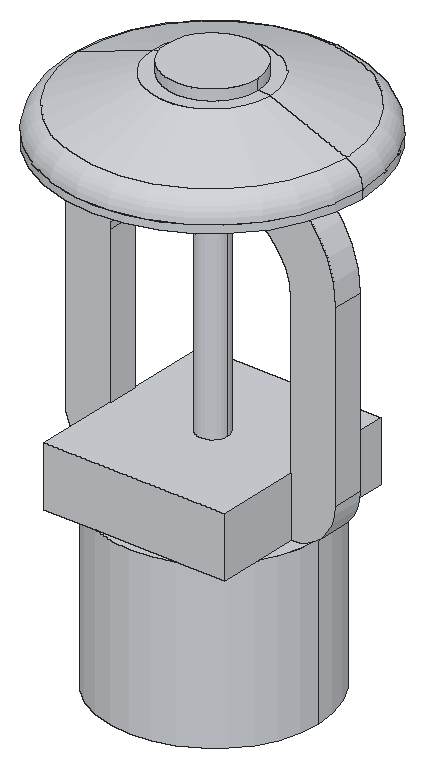
Revit family
Parameters (values of type "RASCO F156-300 UPRIGHT")
  URL = ""
  Temperature Rating = 135 °F
  Response = (empty or 0)
  RASCO SIN # = "RA2525"
  RASCO Part # = "F56U0B3"
  Pressure Rating = "300 PSI"
  Pressure Class = 1
  Orifice Size = 1/2"
  Orifice = (empty or 0)
  Model = "F156-300"
  Manufacturer = "RASCO"
  K-Factor = 5.6
  Description = "Brz. Finish"
  Coverage = (empty or 0)
Reference planes (in)
  plane 1 "Center (Front/Back)": y = 0
  plane 2: z = 0
  plane 3 "Center (Left/Right)": x = 0
Nested families (in)
  nested 1: "F56U0B3" at (0.76597, 0.94071, 0), type "RASCO F156-300 UPRIGHT"
Connectors (in)
  piping at (0.76597, 0.94071, 0)
    settings: on nested 1, index 1, connector radius 55/128", flow factor 0, pipe flow 0 GPM, pressure drop 0.00 psi, fitting loss kfactor 0, connector angle 0.00°, fixture units 0, flow configuration 0, flow direction 0, fitting loss method 0, system type 7, connector reference index -1, connector utility 0, adjustable connector no, is connector primary yes, fitting loss table "", connector description ""
Definition of nested family "F56U0B3"
  Parameters (values of type "RASCO F156-300 UPRIGHT")
    Type Comments = ""
    Temperature Rating = 0 °F
    Response = (empty or 0)
    Pressure Rating = "0"
    Pressure Class = (empty or 0)
    Orifice Size = 0"
    Orifice = (empty or 0)
    Model = ""
    Manufacturer = ""
    K-Factor = 0
    Description = ""
    Coverage = (empty or 0)
    Assembly Code = ""
  Reference planes (in)
    plane 1 "Center (Front/Back)": y = 0
    plane 2: z = 0
    plane 3 "ref.2": z = 0.6875
    plane 4 "ref.3": z = 0.9375
    plane 5: x = -0.38065
    plane 6: x = 0.36935
    plane 7 "ref. side 1": y = 0.06402
    plane 8 "ref. side 2": y = -0.06098
    plane 9 "ref.4": z = 1.875
    plane 10 "ref.5": z = 2.3125
    plane 11 "ref.6": z = 2.4375
  Forms (in)
    Extrusion 1, solid
      sketch origin (0, 0, 0) x (1, 0, 0) y (0, 1, 0)
        loop
          circle (0, 0) r 0.4375
      from 0 to 0.6875
    Extrusion 2, solid
      sketch origin (-0.12185, 0.05177, 0.6875) x (1, 0, 0) y (0, 1, 0)
        loop
          line (-0.2588, 0.356) -> (-0.2588, -0.4565) -> (0.4912, -0.4565) -> (0.4912, 0.356) -> (-0.2588, 0.356)
      from 0 to 0.25
    Extrusion 3, solid
      sketch origin (0, 0, 0) x (1, 0, 0) y (0, 0, 1)
        loop
          line (-0.38065, 0.68754) -> (-0.38065, 1.58397)
          arc (-0.38065, 1.58397) -> (-0.29541, 1.78976) -> (-0.08962, 1.875) r 0.29103
          line (-0.08962, 1.875) -> (0.07524, 1.875)
          arc (0.07524, 1.875) -> (0.28321, 1.78886) -> (0.36935, 1.58089) r 0.29411
          line (0.36935, 1.58089) -> (0.36935, 0.68751)
          arc (0.36935, 0.68751) -> (0.50207, 0.74393) -> (0.55685, 0.87734) r 0.18984
          line (0.55685, 0.87734) -> (0.55685, 1.61676)
          arc (0.55685, 1.61676) -> (0.42629, 1.93194) -> (0.11111, 2.0625) r 0.44574
          line (0.11111, 2.0625) -> (-0.12259, 2.0625)
          arc (-0.12259, 2.0625) -> (-0.43765, 1.932) -> (-0.56815, 1.61694) r 0.44556
          line (-0.56815, 1.61694) -> (-0.56815, 0.87876)
          arc (-0.56815, 0.87876) -> (-0.51345, 0.74486) -> (-0.38065, 0.68754) r 0.19126
      from -0.06402 to 0.06098
    Extrusion 4, solid
      sketch origin (0, 0, 0.9375) x (-1, 0, 0) y (0, -1, 0)
        loop
          circle (0.00574, -0.00152) r 0.0625
      from 0 to 0.9375
    Extrusion 5, solid
      sketch origin (0, 0, 1.875) x (-1, 0, 0) y (0, -1, 0)
        loop
          circle (0.00574, -0.00152) r 0.1875
      from 0 to 0.4375
    Revolve 6, solid
      sketch origin (0, 0, -0.31276) x (1, 0, 0) y (0, 0, 1)
        loop
          line (-0.19324, 2.33367) -> (-0.19324, 2.58367) -> (-0.24995, 2.58367) -> (-0.56395, 2.46314)
          arc (-0.56395, 2.46314) -> (-0.61243, 2.42492) -> (-0.63074, 2.36595) r 0.1041
          line (-0.63074, 2.36595) -> (-0.63074, 2.33367) -> (-0.19324, 2.33367)
        axis (-0.00574, 2.33367) -> (-0.00574, 2.58367)
      angle from 0 to 360
  Cuts and joins
    joined: Extrusion 1, Extrusion 2, Extrusion 4, Revolve 6
  Lines and regions (in)
    model lines
      curve 1: line (-0.00574, 0.06402, 1.875) -> (-0.00574, -0.06098, 1.875)
